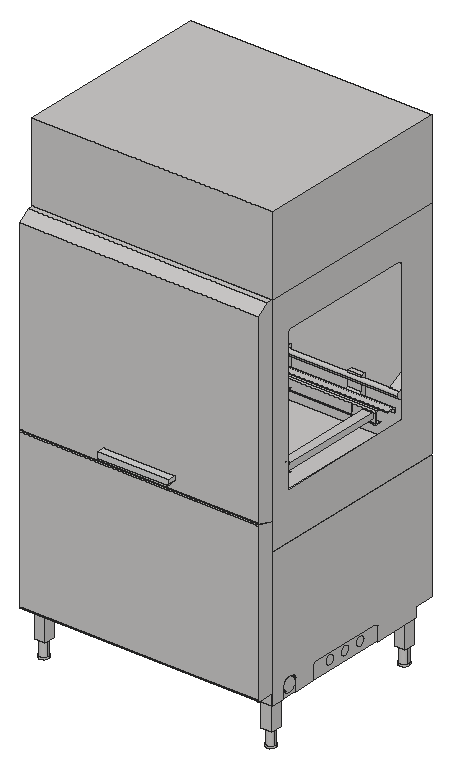
Revit family "QF_ELECTROLUXPROFESSIONAL_535139_NLDDRE6M", category Specialty Equipment, Revit 2023
Family settings
  Round Connector Dimension = Use Diameter
  Part Type = Normal
  Work Plane-Based = No
  Enable Cutting in Views = No
  Always vertical = Yes
  Cut with Voids When Loaded = No
  Maintain Annotation Orientation = No
  Shared = No
  Room Calculation Point = No
Parameters (values of type "NLDDRE56")
  Weight = 116.00 kg
  Watts = 0 W
  Volts = 440 V
  URL Manufacturer = "http://www.electroluxprofessional.com"
  URL = "http://www.electroluxprofessional.com"
  Steam Supply Size = 0 mm
  Steam Supply Minimum Pressure = 0.0 Pa
  Steam Supply Maximum Pressure = 0.0 Pa
  Steam Pounds per Hour = 0
  Show Logo [instance] = yes
  Refrigeration Suction Line Size = 0 mm
  Refrigeration Liquid Line Size = 0 mm
  Refrigerant Compressor Remote = yes
  R_L [instance] = not(L_R)  # no
  Manufacturer = "Electrolux Professional"
  Phase = 3
  Model = "NLDDRE6M"
  Length Actual = 890 mm
  Show Clearance [instance] = yes
  L_R [instance] = yes
  Item Number = "535139"
  Hot Water Size = 0 mm
  Height Actual = 1785 mm
  HP = "11.4 HP"
  Gas Size = 0 mm
  Gas KW = 0
  Gas Input Pressure = 0 W
  Direct Waste Size = 50 mm
  Description = "LARGE DRYER WITH DOOR, DUAL RINSE RT, ELECTRIC, 440V/ 3/ 60Hz - MARINE"
  Depth Actual = 825 mm
  Default Elevation = 0 mm
  DRAIN [instance] = if(L_R, 0 mm, 968 mm)  # 0 mm
  Cycle = 50 Hz
  Condensate Return Size = 0 mm
  Compressed Air Volume = 0.0 L/s
  Compressed Air Size = 0 mm
  Compressed Air Pressure = 0.0 Pa
  Cold Water Size = 0 mm
  Accessory = no
Types (2): name
  NLDDRE56
  Standard
Reference planes
  plane 1 "Center X": y = -16.742
  plane 2: z = 0
  plane 3 "2": x = 506.437
  plane 4 "BACK": y = 388.258
  plane 5 "FEET": z = 150
  plane 6: z = 2095
  plane 7 "BASE": z = 187
  plane 8 "TOP": z = 1785
  plane 9 "FRONT": y = -408.742
  plane 10: y = 311.258
  plane 11 "1": x = -383.563
  plane 12 "LEFT": x = -423.563
  plane 13 "RIGHT": x = 546.437
  plane 14 "DRAIN": x = -423.563
Forms (mm)
  Extrusion 1, solid, material "QF_Finishes_Stainless Steel"
    sketch origin (506.437, 479.936, 4000) x (0, 1, 0) y (0, 0, 1)
      loop
        line (-96.678, -2215) -> (-828.678, -2215) -> (-828.678, -2507) -> (-96.678, -2507) -> (-96.678, -2215)
    from -890 to 0
  Extrusion 2, solid, material "QF_Finishes_Stainless Steel"
    sketch origin (-383.563, 437.565, 4000) x (0, 1, 0) y (0, 0, 1)
      loop
        line (-54.307, -2507) -> (-786.307, -2507) -> (-786.307, -3850) -> (-126.307, -3850) -> (-126.307, -3812) -> (-54.307, -3812) -> (-54.307, -2507)
      loop
        line (-129.307, -2557) -> (-769.307, -2557) -> (-769.307, -3290) -> (-129.307, -3290) -> (-129.307, -2557)
    from 887 to 3
  Extrusion 3, solid, material "QF_Finishes_Stainless Steel"
    sketch origin (-383.563, 437.565, 4000) x (0, 1, 0) y (0, 0, 1)
      loop
        line (-59.307, -3342) -> (-781.307, -3342)
        arc (-781.307, -3342) -> (-784.843, -3343.464) -> (-786.307, -3347) r 5
        line (-786.307, -3347) -> (-786.307, -3850) -> (-741.307, -3850) -> (-741.307, -3813)
        arc (-741.307, -3813) -> (-711.307, -3783) -> (-681.307, -3813) r 30
        line (-681.307, -3813) -> (-681.307, -3850) -> (-602.807, -3850) -> (-602.807, -3803)
        arc (-602.807, -3803) -> (-598.414, -3792.393) -> (-587.807, -3788) r 15
        line (-587.807, -3788) -> (-317.807, -3788)
        arc (-317.807, -3788) -> (-307.201, -3792.393) -> (-302.807, -3803) r 15
        line (-302.807, -3803) -> (-302.807, -3850) -> (-126.307, -3850) -> (-126.307, -3812) -> (-54.307, -3812) -> (-54.307, -3347)
        arc (-54.307, -3347) -> (-55.772, -3343.464) -> (-59.307, -3342) r 5
    from 0 to 3
  Extrusion 4, solid, material "QF_Finishes_Stainless Steel"
    sketch origin (506.437, 479.936, 4000) x (0, 1, 0) y (0, 0, 1)
      loop
        line (-96.678, -2507) -> (-828.678, -2507) -> (-828.678, -3335)
        arc (-828.678, -3335) -> (-827.214, -3338.536) -> (-823.678, -3340) r 5
        line (-823.678, -3340) -> (-101.678, -3340)
        arc (-101.678, -3340) -> (-98.142, -3338.536) -> (-96.678, -3335) r 5
        line (-96.678, -3335) -> (-96.678, -2507)
      loop
        line (-248.879, -2635) -> (-744.477, -2635)
        arc (-744.477, -2635) -> (-756.64, -2640.038) -> (-761.678, -2652.201) r 17.201
        line (-761.678, -2652.201) -> (-761.678, -3167.258) -> (-231.678, -3167.258) -> (-231.678, -2652.201)
        arc (-231.678, -2652.201) -> (-236.716, -2640.038) -> (-248.879, -2635) r 17.201
    from -3 to 0
  Extrusion 5, solid, material "QF_Finishes_Stainless Steel"
    sketch origin (506.437, 479.936, 4000) x (0, 1, 0) y (0, 0, 1)
      loop
        line (-101.678, -3342) -> (-823.678, -3342)
        arc (-823.678, -3342) -> (-827.214, -3343.464) -> (-828.678, -3347) r 5
        line (-828.678, -3347) -> (-828.678, -3850) -> (-783.678, -3850) -> (-783.678, -3813)
        arc (-783.678, -3813) -> (-753.678, -3783) -> (-723.678, -3813) r 30
        line (-723.678, -3813) -> (-723.678, -3850) -> (-645.178, -3850) -> (-645.178, -3803)
        arc (-645.178, -3803) -> (-640.785, -3792.393) -> (-630.178, -3788) r 15
        line (-630.178, -3788) -> (-360.178, -3788)
        arc (-360.178, -3788) -> (-349.571, -3792.393) -> (-345.178, -3803) r 15
        line (-345.178, -3803) -> (-345.178, -3850) -> (-168.678, -3850) -> (-168.678, -3812) -> (-96.678, -3812) -> (-96.678, -3347)
        arc (-96.678, -3347) -> (-98.142, -3343.464) -> (-101.678, -3342) r 5
    from -3 to 0
  Extrusion 6, solid, material "QF_Finishes_Stainless Steel"
    sketch origin (-383.563, 437.565, 4000) x (0, 1, 0) y (0, 0, 1)
      loop
        circle (-454.307, -3813) r 15
      loop
        circle (-524.307, -3813) r 15
      loop
        circle (-384.307, -3813) r 15
    from 0 to 3
  Extrusion 7, solid, material "QF_Finishes_Stainless Steel"
    sketch origin (-383.563, 437.565, 4000) x (0, 1, 0) y (0, 0, 1)
      loop
        circle (-711.307, -3813) r 25
    from 0 to 3
  Extrusion 8, solid, material "QF_Finishes_Stainless Steel"
    sketch origin (506.437, 479.936, 4000) x (0, 1, 0) y (0, 0, 1)
      loop
        circle (-496.678, -3813) r 15
      loop
        circle (-566.678, -3813) r 15
      loop
        circle (-426.678, -3813) r 15
    from 0 to -3
  Extrusion 9, solid, material "QF_Finishes_Stainless Steel"
    sketch origin (506.437, 479.936, 4000) x (0, 1, 0) y (0, 0, 1)
      loop
        circle (-753.678, -3813) r 25
    from 0 to -3
  Extrusion 10, solid, material "QF_Finishes_Stainless Steel"
    sketch origin (-383.563, 437.565, 4000) x (0, 1, 0) y (0, 0, 1)
      loop
        line (-54.307, -2507) -> (-786.307, -2507) -> (-786.307, -3335)
        arc (-786.307, -3335) -> (-784.843, -3338.536) -> (-781.307, -3340) r 5
        line (-781.307, -3340) -> (-59.307, -3340)
        arc (-59.307, -3340) -> (-55.772, -3338.536) -> (-54.307, -3335) r 5
        line (-54.307, -3335) -> (-54.307, -2507)
      loop
        line (-206.509, -2635) -> (-702.106, -2635)
        arc (-702.106, -2635) -> (-714.269, -2640.038) -> (-719.307, -2652.201) r 17.201
        line (-719.307, -2652.201) -> (-719.307, -3167.258) -> (-189.307, -3167.258) -> (-189.307, -2652.201)
        arc (-189.307, -2652.201) -> (-194.345, -2640.038) -> (-206.509, -2635) r 17.201
    from 3 to 0
  Extrusion 11, solid, material "QF_Finishes_Stainless Steel", visible <- "L_R"
    sketch origin (-383.563, 0, 0) x (0, 1, 0) y (0, 0, 1)
      loop
        circle (-273.742, 187) r 25
    from 0 to -38
  Extrusion 12, solid, material "QF_Finishes_Stainless Steel", visible <- "R_L"
    sketch origin (506.437, 479.936, 4000) x (0, 1, 0) y (0, 0, 1)
      loop
        circle (-753.678, -3813) r 25
    from 0 to 38
  Extrusion 13, solid, material "QF_Finishes_Stainless Steel", not visible
    sketch origin (-423.563, 0, 0) x (0, 1, 0) y (0, 0, 1)
      loop
        circle (-273.742, 187) r 25
    from 0 to 2
  Extrusion 14, solid, material "QF_Clearance", detail levels coarse
    sketch origin (516.437, -74.242, 0) x (1, 0, 0) y (0, 1, 0)
      loop
        line (-900, 462.5) -> (-10, 462.5) -> (-10, 512.5) -> (-900, 512.5) -> (-900, 462.5)
    from -100 to 1785
Lines and regions (mm)
  symbolic lines
    curve 1: line (-383.563, 383.258, 0) -> (506.437, 383.258, 0)
    curve 2: line (-383.563, -348.742, 0) -> (-383.563, 383.258, 0)
    curve 3: line (506.437, -348.742, 0) -> (-383.563, -348.742, 0)
    curve 4: line (506.437, 383.258, 0) -> (506.437, -348.742, 0)
    curve 7: line (-383.563, 383.258, 0) -> (506.437, -348.742, 0)
    curve 14: line (-383.563, -16.742, 0) -> (-368.563, -16.742, 0)
    curve 15: line (491.437, -16.742, 0) -> (506.437, -16.742, 0)
  symbolic lines, style "SpecialityEquipment"
    curve 5: line (506.437, -281.742, 0) -> (-383.563, -281.742, 0)
    curve 6: line (-383.563, 308.258, 0) -> (506.437, 308.258, 0)
  symbolic lines, style "SpecialityEquipmentHiddenLines", visible <- "R_L"
    curve 8: line (546.437, -298.742, 0) -> (546.437, -248.742, 0)
    curve 9: line (546.437, -248.742, 0) -> (506.437, -248.742, 0)
    curve 10: line (546.437, -298.742, 0) -> (506.437, -298.742, 0)
  symbolic lines, style "SpecialityEquipmentHiddenLines", visible <- "L_R"
    curve 11: line (-423.563, -248.742, 0) -> (-423.563, -298.742, 0)
    curve 12: line (-423.563, -248.742, 0) -> (-383.563, -248.742, 0)
    curve 13: line (-423.563, -298.742, 0) -> (-383.563, -298.742, 0)
  symbolic lines, style "QF_Clearances"
    curve 16: line (-383.563, 438.258, 0) -> (506.437, 438.258, 0)
Dimensions and locks
  plane 4 "BACK" to plane 1 "Center X" to plane 9 "FRONT" = 405 mm, 392 mm
  plane 5 "FEET" to level = 150 mm
  plane 3 "2" to Extrusion 5 = 3 mm
  plane 5 "FEET" to plane 8 "TOP" = 1635 mm
  plane 4 "BACK" to plane 9 "FRONT" = 797 mm  (x2)
  nested 1 to nested 4 to nested 4 to nested 4 = 732 mm, 60 mm, 30 mm
  "DRAIN": plane 12 "LEFT" to plane 14 "DRAIN"
  aligned and locked: level to plane 2
Automatic sketch dimensions
  plane 8 "TOP" to Extrusion 1 sketch curve = 0 mm
  plane 9 "FRONT" to Extrusion 1 sketch curve = 60 mm
  Extrusion 1 sketch curve to plane 4 "BACK" = 5 mm
  Extrusion 1 sketch curve to Extrusion 1 sketch curve = 292 mm
  Extrusion 2 sketch curve to plane 5 "FEET" = 0 mm
  Extrusion 2 sketch curve to plane 10 = 0 mm
  plane 10 to Extrusion 2 sketch curve = 3 mm
  plane 9 "FRONT" to Extrusion 2 sketch curve = 77 mm
  Extrusion 2 sketch curve to Extrusion 2 sketch curve = 17 mm
  plane 7 "BASE" to Extrusion 2 sketch curve = 1 mm
  Extrusion 2 sketch curve to plane 4 "BACK" = 5 mm
  Extrusion 2 sketch curve to Extrusion 2 sketch curve = 522 mm
  plane 8 "TOP" to Extrusion 2 sketch curve = 342 mm
  Extrusion 2 sketch curve to Extrusion 2 sketch curve = 50 mm
  Extrusion 3 sketch curve to plane 5 "FEET" = 0 mm  (x3)
  Extrusion 3 sketch curve to plane 7 "BASE" = 0 mm
  Extrusion 3 sketch curve to plane 10 = 0 mm
  plane 7 "BASE" to Extrusion 3 sketch curve = 10 mm  (x2)
  Extrusion 3 sketch curve to plane 1 "Center X" = 151.5 mm
  Extrusion 3 sketch curve to Extrusion 3 sketch curve = 15 mm
  plane 1 "Center X" to Extrusion 3 sketch curve = 133.5 mm
  Extrusion 3 sketch curve to Extrusion 3 sketch curve = 78.5 mm
  Extrusion 3 sketch curve to Extrusion 3 sketch curve = 30 mm
  plane 9 "FRONT" to Extrusion 3 sketch curve = 65 mm
  Extrusion 3 sketch curve to Extrusion 3 sketch curve = 5 mm
  Extrusion 3 sketch curve to plane 4 "BACK" = 10 mm
  Extrusion 3 sketch curve to plane 4 "BACK" = 5 mm
  plane 7 "BASE" to Extrusion 3 sketch curve = 1 mm
  Extrusion 3 sketch curve to Extrusion 3 sketch curve = 465 mm
  plane 9 "FRONT" to Extrusion 4 sketch curve = 60 mm
  Extrusion 4 sketch curve to Extrusion 4 sketch curve = 5 mm
  plane 9 "FRONT" to Extrusion 4 sketch curve = 127 mm
  Extrusion 4 sketch curve to Extrusion 4 sketch curve = 17.201 mm  (x2)
  plane 10 to Extrusion 4 sketch curve = 80.201 mm
  plane 10 to Extrusion 4 sketch curve = 63 mm
  Extrusion 4 sketch curve to plane 4 "BACK" = 10 mm
  Extrusion 4 sketch curve to plane 4 "BACK" = 5 mm
  plane 7 "BASE" to Extrusion 4 sketch curve = 473 mm
  Extrusion 4 sketch curve to Extrusion 4 sketch curve = 167.742 mm
  plane 8 "TOP" to Extrusion 4 sketch curve = 437.201 mm
  Extrusion 4 sketch curve to Extrusion 4 sketch curve = 0 mm
  Extrusion 4 sketch curve to Extrusion 4 sketch curve = 145.201 mm
  Extrusion 5 sketch curve to plane 5 "FEET" = 0 mm  (x3)
  Extrusion 5 sketch curve to plane 7 "BASE" = 0 mm
  Extrusion 5 sketch curve to plane 10 = 0 mm
  plane 7 "BASE" to Extrusion 5 sketch curve = 10 mm  (x2)
  Extrusion 5 sketch curve to plane 1 "Center X" = 151.5 mm
  Extrusion 5 sketch curve to Extrusion 5 sketch curve = 15 mm
  plane 1 "Center X" to Extrusion 5 sketch curve = 133.5 mm
  Extrusion 5 sketch curve to Extrusion 5 sketch curve = 78.5 mm
  Extrusion 5 sketch curve to Extrusion 5 sketch curve = 30 mm
  plane 9 "FRONT" to Extrusion 5 sketch curve = 65 mm
  Extrusion 5 sketch curve to Extrusion 5 sketch curve = 5 mm
  Extrusion 5 sketch curve to plane 4 "BACK" = 10 mm
  Extrusion 5 sketch curve to plane 4 "BACK" = 5 mm
  plane 7 "BASE" to Extrusion 5 sketch curve = 1 mm
  Extrusion 5 sketch curve to Extrusion 5 sketch curve = 465 mm
  Extrusion 6 sketch curve to plane 7 "BASE" = 0 mm  (x3)
  Extrusion 6 sketch curve to plane 1 "Center X" = 0 mm
  Extrusion 6 sketch curve to Extrusion 6 sketch curve = 70 mm
  Extrusion 6 sketch curve to plane 1 "Center X" = 70 mm
  Extrusion 7 sketch curve to plane 7 "BASE" = 0 mm
  plane 9 "FRONT" to Extrusion 7 sketch curve = 135 mm
  Extrusion 8 sketch curve to plane 7 "BASE" = 0 mm  (x3)
  Extrusion 8 sketch curve to plane 1 "Center X" = 0 mm
  Extrusion 8 sketch curve to Extrusion 8 sketch curve = 70 mm
  Extrusion 8 sketch curve to plane 1 "Center X" = 70 mm
  Extrusion 9 sketch curve to plane 7 "BASE" = 0 mm
  plane 9 "FRONT" to Extrusion 9 sketch curve = 135 mm
  plane 9 "FRONT" to Extrusion 10 sketch curve = 60 mm
  Extrusion 10 sketch curve to Extrusion 10 sketch curve = 5 mm
  plane 9 "FRONT" to Extrusion 10 sketch curve = 127 mm
  Extrusion 10 sketch curve to Extrusion 10 sketch curve = 17.201 mm  (x2)
  plane 10 to Extrusion 10 sketch curve = 80.201 mm
  plane 10 to Extrusion 10 sketch curve = 63 mm
  Extrusion 10 sketch curve to plane 4 "BACK" = 10 mm
  Extrusion 10 sketch curve to plane 4 "BACK" = 5 mm
  plane 7 "BASE" to Extrusion 10 sketch curve = 473 mm
  Extrusion 10 sketch curve to Extrusion 10 sketch curve = 167.742 mm
  plane 8 "TOP" to Extrusion 10 sketch curve = 437.201 mm
  Extrusion 10 sketch curve to Extrusion 10 sketch curve = 0 mm
  Extrusion 10 sketch curve to Extrusion 10 sketch curve = 145.201 mm
  Extrusion 11 sketch curve to plane 7 "BASE" = 0 mm
  plane 9 "FRONT" to Extrusion 11 sketch curve = 135 mm
  Extrusion 12 sketch curve to plane 7 "BASE" = 0 mm
  plane 9 "FRONT" to Extrusion 12 sketch curve = 135 mm
  Extrusion 13 sketch curve to plane 7 "BASE" = 0 mm
  plane 9 "FRONT" to Extrusion 13 sketch curve = 135 mm
  plane 12 "LEFT" to Extrusion 14 sketch curve = 40 mm
  Extrusion 14 sketch curve to plane 13 "RIGHT" = 40 mm
  plane 4 "BACK" to Extrusion 14 sketch curve = 0 mm
  Extrusion 14 sketch curve to Extrusion 14 sketch curve = 50 mm
  curve 11 to plane 12 "LEFT" = 0 mm
  curve 13 to plane 11 "1" = 0 mm
  curve 16 to plane 11 "1" = 0 mm
  curve 9 to plane 3 "2" = 0 mm
  curve 16 to plane 3 "2" = 0 mm
  curve 8 to plane 13 "RIGHT" = 0 mm
  plane 9 "FRONT" to curve 4 = 60 mm
  curve 2 to curve 13 = 50 mm
  curve 3 to curve 8 = 50 mm
  curve 11 to curve 12 = 50 mm
  curve 8 to curve 8 = 50 mm
  curve 1 to plane 4 "BACK" = 5 mm
  curve 14 to plane 1 "Center X" = 0 mm
  plane 11 "1" to curve 14 = 15 mm
  curve 15 to plane 1 "Center X" = 0 mm
  curve 15 to curve 15 = 15 mm
  curve 10 to curve 5 = 17 mm
  plane 10 to curve 6 = 3 mm
  plane 4 "BACK" to curve 16 = 50 mm
  radius of Extrusion 6 sketch curve = 15 mm  (x3)
  radius of Extrusion 7 sketch curve = 25 mm
  radius of Extrusion 8 sketch curve = 15 mm  (x3)
  radius of Extrusion 9 sketch curve = 25 mm
  radius of Extrusion 11 sketch curve = 25 mm
  radius of Extrusion 12 sketch curve = 25 mm
  radius of Extrusion 13 sketch curve = 25 mm
Nested families
  nested 1: "Basket_Guide+Wash_Arm_35''" at (-348, 0, 0), type "Basket_Guide+Wash_Arm_35''"
  nested 2: "Foot_40x40_H150" at (-357.563, -326.742, 0) x (-1, 0, 0) z (0, 0, 1), type "Foot_40x40_H150"
  nested 3: "Foot_40x40_H150" at (-357.563, 289.258, 0) x (-1, 0, 0) z (0, 0, 1), type "Foot_40x40_H150"
  nested 4: "Door_35''" at (-289, 0, 0), Show Clearance <- "Show Clearance", type "Door_35''"
  nested 5: "Foot_40x40_H150" at (480.437, -326.742, 0), type "Foot_40x40_H150"
  nested 6: "Foot_40x40_H150" at (480.437, 289.258, 0), type "Foot_40x40_H150"
Connectors
  piping at (-423.563, -273.742, 187), diameter 50
    settings: on Extrusion 13, index 1, connector inside diameter 609.6 mm, connector length 0 mm, flow factor 0, pipe flow 0.0 L/s, pressure drop 0.0 Pa, fitting loss kfactor 0, connector angle 0.00°, fixture units 0, engagement length 0 mm, angle of deflection 0.00°, flow configuration 0, flow direction 2, fitting loss method 0, system type 16, joint type 0, gender type 0, connector reference index -1, connector utility 0, adjustable connector no, is connector primary yes, connector description "DRAIN"
Definition of nested family "Basket_Guide+Wash_Arm_35''"
  Parameters
    Default Elevation = 0 mm
  Reference planes
    plane 1: z = 0
    plane 2 "Center Y": x = 409.437
    plane 3 "LEFT": x = -35.563
    plane 4 "BACK": y = 383.258
    plane 5 "FRONT": y = -408.742
    plane 6: z = 150
    plane 7 "TOP": z = 1785
    plane 8: z = 875
    plane 9 "RIGHT": x = 854.437
    plane 10 "L1": x = 134.437
    plane 11 "L2": x = 684.437
  Forms (mm)
    Extrusion 1, solid
      sketch origin (427.437, -18.984, 0) x (0, -1, 0) y (0, 0, 1)
        loop
          line (264.703, 929.245) -> (264.703, 907.554) -> (312.758, 879.81) -> (312.758, 956.99) -> (264.703, 929.245)
        loop
          line (-259.187, 929.245) -> (-307.242, 956.99) -> (-327.242, 956.99) -> (-327.242, 879.81) -> (-307.242, 879.81) -> (-259.187, 907.554) -> (-259.187, 929.245)
      from -424 to -388
    Extrusion 2, solid
      sketch origin (293.437, -18.984, 0) x (0, -1, 0) y (0, 0, 1)
        loop
          circle (264.703, 918.4) r 10
        loop
          circle (-259.187, 918.4) r 10
      from -558 to 326
    Extrusion 3, solid
      sketch origin (293.437, -18.984, 0) x (0, -1, 0) y (0, 0, 1)
        loop
          line (-252.564, 858) -> (-252.564, 870.68)
          arc (-252.564, 870.68) -> (-251.884, 872.32) -> (-250.244, 873) r 2.32
          line (-250.244, 873) -> (-222.564, 873) -> (-222.564, 875) -> (-250.244, 875)
          arc (-250.244, 875) -> (-253.299, 873.735) -> (-254.564, 870.68) r 4.32
          line (-254.564, 870.68) -> (-254.564, 858) -> (-252.564, 858)
        loop
          line (258.08, 858) -> (260.08, 858) -> (260.08, 870.68)
          arc (260.08, 870.68) -> (258.815, 873.735) -> (255.76, 875) r 4.32
          line (255.76, 875) -> (228.08, 875) -> (228.08, 873) -> (255.76, 873)
          arc (255.76, 873) -> (257.401, 872.32) -> (258.08, 870.68) r 2.32
          line (258.08, 870.68) -> (258.08, 858)
      from -545 to 313
    Extrusion 4, solid
      sketch origin (293.437, -18.984, 0) x (0, -1, 0) y (0, 0, 1)
        loop
          arc (-216.187, 825.32) -> (-216.866, 823.679) -> (-218.507, 823) r 2.32
          line (-218.507, 823) -> (-236.187, 823) -> (-236.187, 821) -> (-218.507, 821)
          arc (-218.507, 821) -> (-215.452, 822.265) -> (-214.187, 825.32) r 4.32
          line (-214.187, 825.32) -> (-214.187, 861.68)
          arc (-214.187, 861.68) -> (-215.452, 864.735) -> (-218.507, 866) r 4.32
          line (-218.507, 866) -> (-236.187, 866) -> (-236.187, 864) -> (-218.507, 864)
          arc (-218.507, 864) -> (-216.866, 863.32) -> (-216.187, 861.68) r 2.32
          line (-216.187, 861.68) -> (-216.187, 825.32)
        loop
          line (221.703, 825.32) -> (221.703, 861.68)
          arc (221.703, 861.68) -> (222.383, 863.32) -> (224.023, 864) r 2.32
          line (224.023, 864) -> (241.703, 864) -> (241.703, 866) -> (224.023, 866)
          arc (224.023, 866) -> (220.969, 864.735) -> (219.703, 861.68) r 4.32
          line (219.703, 861.68) -> (219.703, 825.32)
          arc (219.703, 825.32) -> (220.969, 822.265) -> (224.023, 821) r 4.32
          line (224.023, 821) -> (241.703, 821) -> (241.703, 823) -> (224.023, 823)
          arc (224.023, 823) -> (222.383, 823.679) -> (221.703, 825.32) r 2.32
      from -505 to 273
    Extrusion 5, solid
      sketch origin (391.437, -18.984, 0) x (0, -1, 0) y (0, 0, 1)
        loop
          line (264.703, 929.245) -> (264.703, 907.554) -> (312.758, 879.81) -> (312.758, 956.99) -> (264.703, 929.245)
        loop
          line (-259.187, 929.245) -> (-307.242, 956.99) -> (-327.242, 956.99) -> (-327.242, 879.81) -> (-307.242, 879.81) -> (-259.187, 907.554) -> (-259.187, 929.245)
      from 424 to 388
    Extrusion 6, solid
      sketch origin (428.437, -18.984, 0) x (0, -1, 0) y (0, 0, 1)
        loop
          line (219.703, 858) -> (-214.187, 858) -> (-214.187, 836) -> (219.703, 836) -> (219.703, 858)
      from -360 to -325
    Extrusion 7, solid
      sketch origin (390.437, -18.984, 0) x (0, -1, 0) y (0, 0, 1)
        loop
          line (219.703, 858) -> (-214.187, 858) -> (-214.187, 836) -> (219.703, 836) -> (219.703, 858)
      from 360 to 325
    Extrusion 8, solid
      sketch origin (409.437, 308.258, 1443) x (0, 0, 1) y (-1, 0, 0)
        loop
          line (-650.516, 7.5) -> (-663.507, 15) -> (-676.497, 7.5) -> (-676.497, -7.5) -> (-663.507, -15) -> (-650.516, -7.5) -> (-650.516, 7.5)
        loop
          line (-22.01, 7.5) -> (-35, 15) -> (-47.99, 7.5) -> (-47.99, -7.5) -> (-35, -15) -> (-22.01, -7.5) -> (-22.01, 7.5)
      from 0 to 30
    Extrusion 9, solid
      sketch origin (409.437, 278.258, 1443) x (0, 0, 1) y (-1, 0, 0)
        loop
          circle (-663.507, 0) r 10
        loop
          circle (-35, 0) r 10
      from 0 to 537.443
    Extrusion 10, solid
      sketch origin (409.437, 0, 0) x (0, 1, 0) y (0, 0, 1)
        loop
          line (-283.687, 880.8) -> (-283.687, 933.4) -> (-301.108, 933.4) -> (-301.108, 856.308) -> (-249.185, 804.385) -> (-240.463, 763.388) -> (-239.485, 763.596) -> (-248.268, 804.882) -> (-277.084, 833.698) -> (-240.687, 833.698) -> (-240.687, 855.89) -> (-260.687, 855.89) -> (-260.687, 872.8) -> (-275.687, 872.8) -> (-283.687, 880.8)
        loop
          line (240.203, 880.8) -> (232.203, 872.8) -> (217.203, 872.8) -> (217.203, 855.89) -> (197.203, 855.89) -> (197.203, 833.698) -> (235.015, 833.698) -> (257.624, 856.308) -> (257.624, 933.4) -> (240.203, 933.4) -> (240.203, 880.8)
        loop
          line (-259.185, 1443) -> (-259.185, 1420.164) -> (-236.567, 1380.988) -> (-234.835, 1381.988) -> (-257.185, 1420.7) -> (-257.185, 1443) -> (-259.185, 1443)
      from -25 to 25
    Extrusion 11, solid
      sketch origin (134.437, 308.258, 1443) x (0, 0, 1) y (-1, 0, 0)
        loop
          line (-650.516, 7.5) -> (-663.507, 15) -> (-676.497, 7.5) -> (-676.497, -7.5) -> (-663.507, -15) -> (-650.516, -7.5) -> (-650.516, 7.5)
        loop
          line (-22.01, 7.5) -> (-35, 15) -> (-47.99, 7.5) -> (-47.99, -7.5) -> (-35, -15) -> (-22.01, -7.5) -> (-22.01, 7.5)
      from 0 to 30
    Extrusion 12, solid
      sketch origin (134.437, 278.258, 1443) x (0, 0, 1) y (-1, 0, 0)
        loop
          circle (-663.507, 0) r 10
        loop
          circle (-35, 0) r 10
      from 0 to 537.443
    Extrusion 13, solid
      sketch origin (684.437, 308.258, 1443) x (0, 0, 1) y (-1, 0, 0)
        loop
          line (-650.516, 7.5) -> (-663.507, 15) -> (-676.497, 7.5) -> (-676.497, -7.5) -> (-663.507, -15) -> (-650.516, -7.5) -> (-650.516, 7.5)
        loop
          line (-22.01, 7.5) -> (-35, 15) -> (-47.99, 7.5) -> (-47.99, -7.5) -> (-35, -15) -> (-22.01, -7.5) -> (-22.01, 7.5)
      from 0 to 30
    Extrusion 14, solid
      sketch origin (684.437, 278.258, 1443) x (0, 0, 1) y (-1, 0, 0)
        loop
          circle (-663.507, 0) r 10
        loop
          circle (-35, 0) r 10
      from 0 to 537.443
    Extrusion 15, solid
      sketch origin (134.437, 0, 0) x (0, 1, 0) y (0, 0, 1)
        loop
          line (-283.687, 880.8) -> (-283.687, 933.4) -> (-301.108, 933.4) -> (-301.108, 856.308) -> (-249.185, 804.385) -> (-240.463, 763.388) -> (-239.485, 763.596) -> (-248.268, 804.882) -> (-277.084, 833.698) -> (-240.687, 833.698) -> (-240.687, 855.89) -> (-260.687, 855.89) -> (-260.687, 872.8) -> (-275.687, 872.8) -> (-283.687, 880.8)
        loop
          line (240.203, 880.8) -> (232.203, 872.8) -> (217.203, 872.8) -> (217.203, 855.89) -> (197.203, 855.89) -> (197.203, 833.698) -> (235.015, 833.698) -> (257.624, 856.308) -> (257.624, 933.4) -> (240.203, 933.4) -> (240.203, 880.8)
        loop
          line (-259.185, 1443) -> (-259.185, 1420.164) -> (-236.567, 1380.988) -> (-234.835, 1381.988) -> (-257.185, 1420.7) -> (-257.185, 1443) -> (-259.185, 1443)
      from -25 to 25
    Extrusion 16, solid
      sketch origin (684.437, 0, 0) x (0, 1, 0) y (0, 0, 1)
        loop
          line (-283.687, 880.8) -> (-283.687, 933.4) -> (-301.108, 933.4) -> (-301.108, 856.308) -> (-249.185, 804.385) -> (-240.463, 763.388) -> (-239.485, 763.596) -> (-248.268, 804.882) -> (-277.084, 833.698) -> (-240.687, 833.698) -> (-240.687, 855.89) -> (-260.687, 855.89) -> (-260.687, 872.8) -> (-275.687, 872.8) -> (-283.687, 880.8)
        loop
          line (240.203, 880.8) -> (232.203, 872.8) -> (217.203, 872.8) -> (217.203, 855.89) -> (197.203, 855.89) -> (197.203, 833.698) -> (235.015, 833.698) -> (257.624, 856.308) -> (257.624, 933.4) -> (240.203, 933.4) -> (240.203, 880.8)
        loop
          line (-259.185, 1443) -> (-259.185, 1420.164) -> (-236.567, 1380.988) -> (-234.835, 1381.988) -> (-257.185, 1420.7) -> (-257.185, 1443) -> (-259.185, 1443)
      from -25 to 25
  Cuts and joins
    joined: Extrusion 1, Extrusion 2, Extrusion 3, Extrusion 4, Extrusion 5, Extrusion 6, Extrusion 7, Extrusion 8, Extrusion 9, Extrusion 10
  Dimensions and locks
    plane 3 "LEFT" to plane 9 "RIGHT" = 890 mm
    equal spacing: plane 3 "LEFT", plane 2 "Center Y", plane 9 "RIGHT", locked at 445 each
    plane 7 "TOP" to plane 6 to level = 1635 mm, 150 mm
    plane 4 "BACK" to plane 5 "FRONT" = 792 mm
    aligned and locked: level to plane 1
  Automatic sketch dimensions
    plane 8 to Extrusion 1 sketch curve = 4.81 mm  (x2)
    Extrusion 1 sketch curve to plane 4 "BACK" = 75 mm
    Extrusion 1 sketch curve to Extrusion 1 sketch curve = 20 mm  (x2)
    Extrusion 1 sketch curve to Extrusion 1 sketch curve = 48.055 mm  (x2)
    plane 8 to Extrusion 1 sketch curve = 32.554 mm  (x2)
    plane 5 "FRONT" to Extrusion 1 sketch curve = 125.055 mm
    Extrusion 1 sketch curve to Extrusion 1 sketch curve = 21.691 mm  (x2)
    Extrusion 1 sketch curve to Extrusion 1 sketch curve = 27.745 mm  (x2)
    plane 8 to Extrusion 2 sketch curve = 43.4 mm  (x2)
    Extrusion 2 sketch curve to plane 4 "BACK" = 143.055 mm
    plane 5 "FRONT" to Extrusion 2 sketch curve = 125.055 mm
    Extrusion 3 sketch curve to Extrusion 3 sketch curve = 0 mm  (x4)
    Extrusion 3 sketch curve to plane 8 = 0 mm  (x2)
    Extrusion 3 sketch curve to plane 8 = 4.32 mm  (x2)
    Extrusion 3 sketch curve to plane 4 "BACK" = 147.678 mm
    Extrusion 3 sketch curve to Extrusion 3 sketch curve = 2 mm  (x2)
    Extrusion 3 sketch curve to Extrusion 3 sketch curve = 27.68 mm  (x2)
    plane 5 "FRONT" to Extrusion 3 sketch curve = 161.678 mm
    Extrusion 3 sketch curve to Extrusion 3 sketch curve = 12.68 mm  (x2)
    Extrusion 4 sketch curve to Extrusion 4 sketch curve = 0 mm  (x9)
    Extrusion 4 sketch curve to plane 8 = 9 mm
    Extrusion 4 sketch curve to plane 4 "BACK" = 166.055 mm
    Extrusion 4 sketch curve to Extrusion 4 sketch curve = 17.68 mm  (x4)
    Extrusion 4 sketch curve to Extrusion 4 sketch curve = 2.32 mm  (x3)
    Extrusion 4 sketch curve to Extrusion 4 sketch curve = 2 mm  (x2)
    Extrusion 4 sketch curve to plane 8 = 49.68 mm
    plane 5 "FRONT" to Extrusion 4 sketch curve = 170.055 mm
    Extrusion 4 sketch curve to Extrusion 4 sketch curve = 43 mm
    Extrusion 4 sketch curve to plane 8 = 13.32 mm
    plane 8 to Extrusion 5 sketch curve = 4.81 mm  (x2)
    Extrusion 5 sketch curve to plane 4 "BACK" = 75 mm
    Extrusion 5 sketch curve to Extrusion 5 sketch curve = 20 mm  (x2)
    Extrusion 5 sketch curve to Extrusion 5 sketch curve = 48.055 mm  (x2)
    plane 8 to Extrusion 5 sketch curve = 32.554 mm  (x2)
    plane 5 "FRONT" to Extrusion 5 sketch curve = 125.055 mm
    Extrusion 5 sketch curve to Extrusion 5 sketch curve = 21.691 mm  (x2)
    Extrusion 5 sketch curve to Extrusion 5 sketch curve = 27.745 mm  (x2)
    Extrusion 6 sketch curve to plane 8 = 17 mm
    Extrusion 6 sketch curve to plane 4 "BACK" = 188.055 mm
    Extrusion 6 sketch curve to plane 8 = 39 mm
    plane 5 "FRONT" to Extrusion 6 sketch curve = 170.055 mm
    Extrusion 7 sketch curve to plane 8 = 17 mm
    Extrusion 7 sketch curve to plane 4 "BACK" = 188.055 mm
    Extrusion 7 sketch curve to plane 8 = 39 mm
    plane 5 "FRONT" to Extrusion 7 sketch curve = 170.055 mm
    plane 2 "Center Y" to Extrusion 8 sketch curve = 7.5 mm  (x4)
    Extrusion 8 sketch curve to plane 8 = 108.497 mm
    plane 2 "Center Y" to Extrusion 8 sketch curve = 15 mm  (x2)
    Extrusion 8 sketch curve to Extrusion 8 sketch curve = 12.99 mm  (x6)
    Extrusion 8 sketch curve to plane 2 "Center Y" = 15 mm  (x2)
    Extrusion 8 sketch curve to plane 2 "Center Y" = 7.5 mm  (x4)
    Extrusion 8 sketch curve to plane 7 "TOP" = 389.99 mm
    Extrusion 9 sketch curve to Extrusion 8 = 12.99 mm  (x3)
    Extrusion 9 sketch curve to Extrusion 9 sketch curve = 0 mm
    Extrusion 10 sketch curve to plane 8 = 18.692 mm  (x2)
    plane 5 "FRONT" to Extrusion 10 sketch curve = 107.634 mm
    plane 8 to Extrusion 10 sketch curve = 58.4 mm
    Extrusion 10 sketch curve to Extrusion 10 sketch curve = 17.421 mm  (x3)
    plane 8 to Extrusion 10 sketch curve = 5.8 mm  (x2)
    Extrusion 10 sketch curve to Extrusion 10 sketch curve = 24.024 mm
    Extrusion 10 sketch curve to plane 8 = 2.2 mm  (x2)
    Extrusion 10 sketch curve to Extrusion 10 sketch curve = 8 mm  (x2)
    Extrusion 10 sketch curve to Extrusion 10 sketch curve = 15 mm  (x2)
    plane 5 "FRONT" to Extrusion 10 sketch curve = 149.557 mm
    Extrusion 10 sketch curve to Extrusion 10 sketch curve = 2 mm
    Extrusion 10 sketch curve to plane 8 = 70.615 mm
    Extrusion 10 sketch curve to Extrusion 10 sketch curve = 27.899 mm
    Extrusion 10 sketch curve to plane 8 = 70.118 mm
    Extrusion 10 sketch curve to Extrusion 10 sketch curve = 0.916 mm
    Extrusion 10 sketch curve to Extrusion 10 sketch curve = 7.581 mm
    Extrusion 10 sketch curve to Extrusion 10 sketch curve = 8.721 mm
    Extrusion 10 sketch curve to plane 8 = 111.404 mm
    Extrusion 10 sketch curve to Extrusion 10 sketch curve = 20.618 mm
    Extrusion 10 sketch curve to Extrusion 10 sketch curve = 1.732 mm
    Extrusion 10 sketch curve to plane 8 = 41.302 mm
    Extrusion 10 sketch curve to plane 4 "BACK" = 186.055 mm
    Extrusion 10 sketch curve to Extrusion 10 sketch curve = 20 mm
    Extrusion 10 sketch curve to Extrusion 10 sketch curve = 17.811 mm
    Extrusion 10 sketch curve to Extrusion 10 sketch curve = 0 mm
    Extrusion 10 sketch curve to Extrusion 10 sketch curve = 22.61 mm
    Extrusion 10 sketch curve to plane 8 = 19.11 mm
    Extrusion 10 sketch curve to Extrusion 10 sketch curve = 16.909 mm
    Extrusion 10 sketch curve to Extrusion 10 sketch curve = 52.6 mm
    Extrusion 10 sketch curve to plane 7 "TOP" = 404.012 mm
    Extrusion 10 sketch curve to Extrusion 10 sketch curve = 1 mm
    Extrusion 10 sketch curve to Extrusion 10 sketch curve = 22.3 mm
    plane 10 "L1" to Extrusion 11 sketch curve = 7.5 mm  (x4)
    Extrusion 11 sketch curve to plane 8 = 108.497 mm
    plane 10 "L1" to Extrusion 11 sketch curve = 15 mm  (x2)
    Extrusion 11 sketch curve to Extrusion 11 sketch curve = 12.99 mm  (x6)
    Extrusion 11 sketch curve to plane 10 "L1" = 15 mm  (x2)
    Extrusion 11 sketch curve to plane 10 "L1" = 7.5 mm  (x4)
    Extrusion 11 sketch curve to plane 7 "TOP" = 389.99 mm
    Extrusion 12 sketch curve to Extrusion 11 = 12.99 mm  (x3)
    Extrusion 12 sketch curve to Extrusion 12 sketch curve = 0 mm
    plane 11 "L2" to Extrusion 13 sketch curve = 7.5 mm  (x4)
    Extrusion 13 sketch curve to plane 8 = 108.497 mm
    plane 11 "L2" to Extrusion 13 sketch curve = 15 mm  (x2)
    Extrusion 13 sketch curve to Extrusion 13 sketch curve = 12.99 mm  (x6)
    Extrusion 13 sketch curve to plane 11 "L2" = 15 mm  (x2)
    Extrusion 13 sketch curve to plane 11 "L2" = 7.5 mm  (x4)
    Extrusion 13 sketch curve to plane 7 "TOP" = 389.99 mm
    Extrusion 14 sketch curve to Extrusion 13 = 12.99 mm  (x3)
    Extrusion 14 sketch curve to Extrusion 14 sketch curve = 0 mm
    Extrusion 15 sketch curve to plane 8 = 18.692 mm  (x2)
    plane 5 "FRONT" to Extrusion 15 sketch curve = 107.634 mm
    plane 8 to Extrusion 15 sketch curve = 58.4 mm
    Extrusion 15 sketch curve to Extrusion 15 sketch curve = 17.421 mm  (x3)
    plane 8 to Extrusion 15 sketch curve = 5.8 mm  (x2)
    Extrusion 15 sketch curve to Extrusion 15 sketch curve = 24.024 mm
    Extrusion 15 sketch curve to plane 8 = 2.2 mm  (x2)
    Extrusion 15 sketch curve to Extrusion 15 sketch curve = 8 mm  (x2)
    Extrusion 15 sketch curve to Extrusion 15 sketch curve = 15 mm  (x2)
    plane 5 "FRONT" to Extrusion 15 sketch curve = 149.557 mm
    Extrusion 15 sketch curve to Extrusion 15 sketch curve = 2 mm
    Extrusion 15 sketch curve to plane 8 = 70.615 mm
    Extrusion 15 sketch curve to Extrusion 15 sketch curve = 27.899 mm
    Extrusion 15 sketch curve to plane 8 = 70.118 mm
    Extrusion 15 sketch curve to Extrusion 15 sketch curve = 0.916 mm
    Extrusion 15 sketch curve to Extrusion 15 sketch curve = 7.581 mm
    Extrusion 15 sketch curve to Extrusion 15 sketch curve = 8.721 mm
    Extrusion 15 sketch curve to plane 8 = 111.404 mm
    Extrusion 15 sketch curve to Extrusion 15 sketch curve = 20.618 mm
    Extrusion 15 sketch curve to Extrusion 15 sketch curve = 1.732 mm
    Extrusion 15 sketch curve to plane 8 = 41.302 mm
    Extrusion 15 sketch curve to plane 4 "BACK" = 186.055 mm
    Extrusion 15 sketch curve to Extrusion 15 sketch curve = 20 mm
    Extrusion 15 sketch curve to Extrusion 15 sketch curve = 17.811 mm
    Extrusion 15 sketch curve to Extrusion 15 sketch curve = 0 mm
    Extrusion 15 sketch curve to Extrusion 15 sketch curve = 22.61 mm
    Extrusion 15 sketch curve to plane 8 = 19.11 mm
    Extrusion 15 sketch curve to Extrusion 15 sketch curve = 16.909 mm
    Extrusion 15 sketch curve to Extrusion 15 sketch curve = 52.6 mm
    Extrusion 15 sketch curve to plane 7 "TOP" = 404.012 mm
    Extrusion 15 sketch curve to Extrusion 15 sketch curve = 1 mm
    Extrusion 15 sketch curve to Extrusion 15 sketch curve = 22.3 mm
    Extrusion 16 sketch curve to plane 8 = 18.692 mm  (x2)
    plane 5 "FRONT" to Extrusion 16 sketch curve = 107.634 mm
    plane 8 to Extrusion 16 sketch curve = 58.4 mm
    Extrusion 16 sketch curve to Extrusion 16 sketch curve = 17.421 mm  (x3)
    plane 8 to Extrusion 16 sketch curve = 5.8 mm  (x2)
    Extrusion 16 sketch curve to Extrusion 16 sketch curve = 24.024 mm
    Extrusion 16 sketch curve to plane 8 = 2.2 mm  (x2)
    Extrusion 16 sketch curve to Extrusion 16 sketch curve = 8 mm  (x2)
    Extrusion 16 sketch curve to Extrusion 16 sketch curve = 15 mm  (x2)
    plane 5 "FRONT" to Extrusion 16 sketch curve = 149.557 mm
    Extrusion 16 sketch curve to Extrusion 16 sketch curve = 2 mm
    Extrusion 16 sketch curve to plane 8 = 70.615 mm
    Extrusion 16 sketch curve to Extrusion 16 sketch curve = 27.899 mm
    Extrusion 16 sketch curve to plane 8 = 70.118 mm
    Extrusion 16 sketch curve to Extrusion 16 sketch curve = 0.916 mm
    Extrusion 16 sketch curve to Extrusion 16 sketch curve = 7.581 mm
    Extrusion 16 sketch curve to Extrusion 16 sketch curve = 8.721 mm
    Extrusion 16 sketch curve to plane 8 = 111.404 mm
    Extrusion 16 sketch curve to Extrusion 16 sketch curve = 20.618 mm
    Extrusion 16 sketch curve to Extrusion 16 sketch curve = 1.732 mm
    Extrusion 16 sketch curve to plane 8 = 41.302 mm
    Extrusion 16 sketch curve to plane 4 "BACK" = 186.055 mm
    Extrusion 16 sketch curve to Extrusion 16 sketch curve = 20 mm
    Extrusion 16 sketch curve to Extrusion 16 sketch curve = 17.811 mm
    Extrusion 16 sketch curve to Extrusion 16 sketch curve = 0 mm
    Extrusion 16 sketch curve to Extrusion 16 sketch curve = 22.61 mm
    Extrusion 16 sketch curve to plane 8 = 19.11 mm
    Extrusion 16 sketch curve to Extrusion 16 sketch curve = 16.909 mm
    Extrusion 16 sketch curve to Extrusion 16 sketch curve = 52.6 mm
    Extrusion 16 sketch curve to plane 7 "TOP" = 404.012 mm
    Extrusion 16 sketch curve to Extrusion 16 sketch curve = 1 mm
    Extrusion 16 sketch curve to Extrusion 16 sketch curve = 22.3 mm
    radius of Extrusion 2 sketch curve = 10 mm  (x2)
    radius of Extrusion 9 sketch curve = 10 mm  (x2)
    radius of Extrusion 12 sketch curve = 10 mm  (x2)
    radius of Extrusion 14 sketch curve = 10 mm  (x2)
Definition of nested family "Foot_40x40_H150"
  Parameters
    Default Elevation = 0 mm
  Reference planes
    plane 1 "Centro (Fronte/Retro)": y = 0
    plane 2: z = 0
    plane 3 "Centro (Sinistra/Destra)": x = 0
    plane 4: z = 150
  Forms (mm)
    Extrusion 1, solid
      sketch origin (0, 0, 0) x (1, 0, 0) y (0, 1, 0)
        loop
          circle (0, 0) r 18
      from 0 to 5
    Extrusion 2, solid
      sketch origin (0, 0, 5) x (1, 0, 0) y (0, 1, 0)
        loop
          circle (0, 0) r 15
      from 0 to 55
    Extrusion 3, solid
      sketch origin (0, 0, 60) x (1, 0, 0) y (0, 1, 0)
        loop
          line (-20, 20) -> (-20, -20) -> (20, -20) -> (20, 20) -> (-20, 20)
      from 0 to 90
  Dimensions and locks
    aligned and locked: level to plane 2
    aligned and locked: plane 4 to Extrusion 3
    aligned and locked: Extrusion 1 to level
Definition of nested family "Door_35''"
  Parameters
    Show Clearance [instance] = yes
    Default Elevation = 0 mm
  Reference planes
    plane 1: z = 0
    plane 2 "Center Y": x = 350.437
    plane 3 "LEFT": x = -94.563
    plane 4 "RIGHT": x = 795.437
    plane 5 "FRONT": y = -408.742
    plane 6: z = 150
    plane 7: y = -348.742
  Forms (mm)
    Extrusion 1, solid
      sketch origin (853.437, -408.742, 1493) x (0, 0, -1) y (1, 0, 0)
        loop
          line (666, -634) -> (681, -634)
          arc (681, -634) -> (684.536, -632.536) -> (686, -629) r 5
          line (686, -629) -> (686, -377)
          arc (686, -377) -> (684.536, -373.464) -> (681, -372) r 5
          line (681, -372) -> (666, -372) -> (666, -634)
      from 0 to 30
    Extrusion 2, solid
      sketch origin (350.437, 0, 0) x (0, 1, 0) y (0, 0, 1)
        loop
          line (-348.742, 188) -> (-348.742, 758.131) -> (-405.595, 774.035)
          arc (-405.595, 774.035) -> (-407.764, 773.603) -> (-408.742, 771.62) r 2.5
          line (-408.742, 771.62) -> (-408.742, 190.5)
          arc (-408.742, 190.5) -> (-408.01, 188.732) -> (-406.242, 188) r 2.5
          line (-406.242, 188) -> (-348.742, 188)
      from -442 to 442
    Extrusion 3, solid
      sketch origin (350.437, 0, 0) x (0, 1, 0) y (0, 0, 1)
        loop
          line (-351.742, 1493) -> (-368.817, 1493) -> (-408.742, 1463.413) -> (-408.742, 778.225)
          arc (-408.742, 778.225) -> (-408.225, 776.703) -> (-406.889, 775.81) r 2.5
          line (-406.889, 775.81) -> (-354.889, 761.206)
          arc (-354.889, 761.206) -> (-352.72, 761.638) -> (-351.742, 763.621) r 2.5
          line (-351.742, 763.621) -> (-351.742, 1493)
      from -442 to 442
    Extrusion 4, solid, visible <- "Show Clearance", detail levels coarse
      sketch origin (853.437, -408.742, 2095) x (0, 0, -1) y (1, 0, 0)
        loop
          line (666, -634) -> (681, -634)
          arc (681, -634) -> (684.536, -632.536) -> (686, -629) r 5
          line (686, -629) -> (686, -377)
          arc (686, -377) -> (684.536, -373.464) -> (681, -372) r 5
          line (681, -372) -> (666, -372) -> (666, -634)
      from 0 to 30
    Extrusion 5, solid, visible <- "Show Clearance", detail levels coarse
      sketch origin (350.437, 0, 602) x (0, 1, 0) y (0, 0, 1)
        loop
          line (-351.742, 1493) -> (-368.817, 1493) -> (-408.742, 1463.413) -> (-408.742, 861.413) -> (-368.817, 891) -> (-351.742, 891) -> (-351.742, 1493)
      from -442 to 442
  Lines and regions (mm)
    symbolic lines
      curve 1: line (-91.563, -408.742, 1785) -> (-91.563, -348.742, 1785)
      curve 2: line (792.437, -408.742, 1785) -> (-91.563, -408.742, 1785)
      curve 3: line (792.437, -348.742, 1785) -> (792.437, -408.742, 1785)
      curve 4: line (219.437, -438.742, 1785) -> (219.437, -408.742, 1785)
      curve 5: line (481.437, -438.742, 1785) -> (219.437, -438.742, 1785)
      curve 6: line (481.437, -408.742, 1785) -> (481.437, -438.742, 1785)
  Dimensions and locks
    plane 3 "LEFT" to plane 4 "RIGHT" = 890 mm
    plane 6 to level = 150 mm
    plane 3 "LEFT" to plane 2 "Center Y" to plane 4 "RIGHT" = 445 mm, 445 mm
    plane 3 "LEFT" to Extrusion 5 = 3 mm
    Extrusion 5 to plane 4 "RIGHT" = 3 mm
    aligned and locked: level to plane 1
    aligned and locked: Extrusion 4 to Extrusion 1
